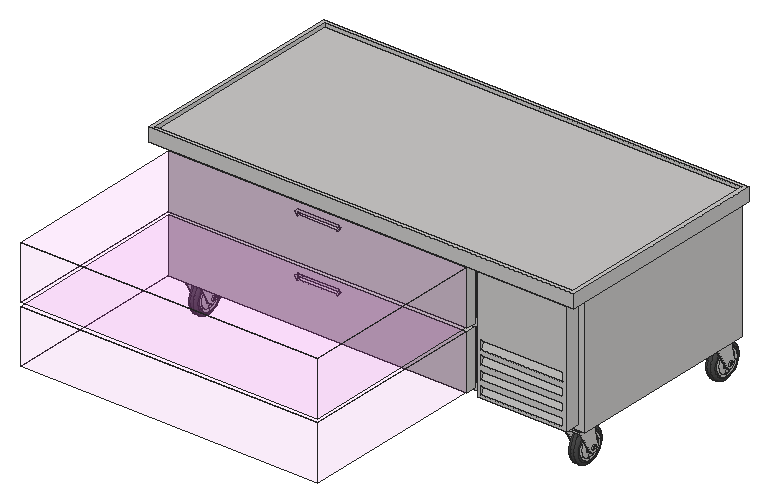
Revit family "QF_Kelvinator_738311_KCHCB60R_2-Drawer_Chef_Base_Refrigerator_62_Long", category Specialty Equipment, Revit 2021
Family settings
  Round Connector Dimension = Use Diameter
  Part Type = Normal
  Work Plane-Based = No
  Always vertical = Yes
  Cut with Voids When Loaded = No
  Shared = No
  Room Calculation Point = No
Parameters
  Weight in Pounds = 524.7
  Watts = 200 W
  Volts = 115 V
  URL Cutsheet = ""
  Specification by User = ""
  Specification by Manufacturer = ""
  Serial Number = ""
  Seismic Rating = ""
  SMACNA No = ""
  Revision Code = ""
  Refrigerant Type = "R290"
  Phase = 1
  Number of Poles = 1
  NAFEM Spec ID Number = ""
  Model = "738311 (KCHCB60R)"
  Min Ckt Ampacity = 0 A
  Max Overcurrent Protection = 0 A
  Masterspec = ""
  Manufacturer = "Kelvinator Commercial"
  Length = 62.047"
  Item Number = "738311"
  Installed By = ""
  Identify Quantity as Lot = yes
  Height = 25.984"
  HP = "1/5"
  Furnished By = ""
  Foodservice Equipment Identifier = yes
  FL Amps = 2.1 A
  Electrical Remarks = ""
  Electric Connection Type = ""
  Elec Conn RI Height = 0.000"
  Elec Conn Connection Height = 0.000"
  Description = "2-Drawer Chef Base Refrigerator 62\" Long"
  Depth = 31.890"
  Default Elevation = 0.000"
  Cycle = 60 Hz
  Conn Plug = "5-15P"
  Conn Conduit = yes
  CSI MasterFormat = ""
  Apparent Power = 0 VA
Reference planes (in)
  plane 1 "BACK": y = 0
  plane 2: z = 0
  plane 3 "LEFT": x = 0
  plane 4 "RIGHT": x = 62.047
  plane 5 "FRONT": y = -31.89
  plane 6 "TOP": z = 25.984
  plane 7 "Center Y": x = 31.0235
  plane 8 "Center X": y = -15.945
Dimensions and locks (in)
  equal spacing: plane 3 "LEFT", plane 7 "Center Y", plane 4 "RIGHT"
  "Length": plane 3 "LEFT" to plane 4 "RIGHT"
  equal spacing: plane 5 "FRONT", plane 8 "Center X", plane 1 "BACK"
  "Depth": plane 5 "FRONT" to plane 1 "BACK"
  "Height": plane 6 "TOP" to level
  aligned and locked: level to plane 2
Nested families (in)
  nested 1: "Family2" at (0, 0, 0), type "Family2"
    with Show Clearance yes
Connectors (in)
  electrical at (31.06511, -1.5, 5.5), driven by "Volts", driven by "Watts"
    settings: on nested 1, index 1, voltage 115 V, apparent load 200 VA, apparent load phase1 0 VA, apparent load phase2 0 VA, apparent load phase3 0 VA, power factor 1, load classification "Other", number of poles 1, system type 30, power factor state 1, is connector primary yes, connector utility no, sub classification motor no, connector description ""
Definition of nested family "Family2"
  Parameters (values of type "Family2")
    Weight in Pounds = 0
    URL Cutsheet = ""
    Specification by User = ""
    Specification by Manufacturer = ""
    Show Clearance [instance] = yes
    Serial Number = ""
    Seismic Rating = ""
    SMACNA No = ""
    Revision Code = ""
    NAFEM Spec ID Number = ""
    Masterspec = ""
    Length = 62.047"
    Item Number = ""
    Installed By = ""
    Identify Quantity as Lot = yes
    Height = 25.984"
    Furnished By = ""
    Foodservice Equipment Identifier = yes
    Depth = 31.890"
    Default Elevation = 0.000"
    CSI MasterFormat = ""
  Reference planes (in)
    plane 1 "BACK": y = 0
    plane 2: z = 0
    plane 3 "LEFT": x = 0
    plane 4 "RIGHT": x = 62.047
    plane 5 "FRONT": y = -31.89
    plane 6 "TOP": z = 25.984
    plane 7 "Center Y": x = 31.0235
    plane 8 "Center X": y = -15.945
    plane 9: x = 0.9845
    plane 10: x = 61.047
    plane 11: x = 2
    plane 12: x = 44.047
    plane 13: x = 60.047
    plane 14: x = 47.047
    plane 15: z = 15.1
    plane 16: z = 23
    plane 17: z = 5.984
    plane 18: z = 23.984
    plane 19: y = -28.7
    plane 20: y = -57.9
    plane 21: x = 0.5
    plane 22: x = 61.547
    plane 23: z = 14.6
    plane 24: z = 6.7
    plane 25: x = 59.547
    plane 26: x = 47.547
    plane 27: x = 58.797
    plane 28: x = 3.25
  Forms (in)
    Extrusion 1, solid
      sketch origin (0.9845, -180, 36.08177) x (0, 0, 1) y (0, -1, 0)
        loop
          line (-12.09777, -151.3) -> (-30.08177, -151.3) -> (-30.08177, -180) -> (-12.09777, -180) -> (-12.09777, -151.3)
      from 0 to 60.0625
    Extrusion 2, solid
      sketch origin (0, 0, 0) x (0, 1, 0) y (0, 0, 1)
        loop
          line (-31.89, 25.984) -> (-31.89, 23.984) -> (0, 23.984) -> (0, 25.984) -> (-31.89, 25.984)
      from 0 to 62.047
    Extrusion 3, void
      sketch origin (0.5, -180, 24.54005) x (0, 0, 1) y (0, -1, 0)
        loop
          line (1.44395, -148.61) -> (0.94395, -148.61) -> (0.94395, -179.5) -> (1.44395, -179.5) -> (1.44395, -148.61)
      from 0 to 61.047
    Extrusion 4, solid
      sketch origin (0, -28.7, -3.09046) x (0, 0, -1) y (1, 0, 0)
        loop
          line (-26.09046, 47.047) -> (-9.79046, 47.047) -> (-9.79046, 60.047) -> (-26.09046, 60.047) -> (-26.09046, 47.047)
      from 0 to 2
    Extrusion 5, void
      sketch origin (59.547, -180, 13.44376) x (0, 0, -1) y (0, -1, 0)
        loop
          line (6.33783, -149.285) -> (6.33783, -148.91) -> (-0.83628, -148.91) -> (-0.83628, -149.7453) -> (0.38717, -149.3) -> (1.16811, -149.3) -> (1.16811, -149.7453) -> (2.39156, -149.3) -> (3.17249, -149.3) -> (3.17249, -149.7453) -> (4.39594, -149.3) -> (5.11438, -149.3) -> (5.11438, -149.7453) -> (6.33783, -149.285)
      from 0 to 12
    Extrusion 6, solid
      sketch origin (0.9845, 0, 6) x (-1, 0, 0) y (0, 1, 0)
        loop
          circle (-30.08061, -1.5) r 0.33156
      from 0 to 0.5
  Cuts and joins
    Extrusion 3 cuts Extrusion 2
    Extrusion 5 cuts Extrusion 4
  Lines and regions (in)
    symbolic lines
      curve 1: line (0, 0, 0) -> (0, -31.89, 0)
      curve 2: line (0, -31.89, 0) -> (62.047, -31.89, 0)
      curve 3: line (62.047, -31.89, 0) -> (62.047, 0, 0)
      curve 4: line (62.047, 0, 0) -> (0, 0, 0)
      curve 5: line (0.5, -31.39, 0) -> (0.5, -0.5, 0)
      curve 6: line (0.5, -0.5, 0) -> (61.547, -0.5, 0)
      curve 7: line (61.547, -0.5, 0) -> (61.547, -31.39, 0)
      curve 8: line (61.547, -31.39, 0) -> (0.5, -31.39, 0)
  Dimensions and locks (in)
    equal spacing: plane 3 "LEFT", plane 7 "Center Y", plane 4 "RIGHT"
    "Length": plane 3 "LEFT" to plane 4 "RIGHT"
    equal spacing: plane 5 "FRONT", plane 8 "Center X", plane 1 "BACK"
    "Depth": plane 5 "FRONT" to plane 1 "BACK"
    "Height": plane 6 "TOP" to level
    plane 3 "LEFT" to plane 4 "RIGHT" = 62.047"
    plane 10 to plane 9 = 60.0625"
    plane 11 to plane 12 = 42.047"
    locked: plane 14 to plane 13 at 13
    plane 16 to plane 15 = 7.900"  (x2)
    plane 6 "TOP" to plane 17 = 20.000"
    plane 18 to plane 17 = 18.000"
    plane 19 to plane 1 "BACK" = 28.700"
    plane 5 "FRONT" to plane 1 "BACK" = 31.890"
    plane 20 to plane 1 "BACK" = 57.900"
    plane 17 to level = 5.984"
    locked: plane 4 "RIGHT" to plane 10 at 1
    locked: plane 4 "RIGHT" to plane 22 at 0.5
    plane 23 to plane 24 = 7.900"
    locked: plane 13 to plane 4 "RIGHT" at 2
    locked: plane 13 to plane 25 at 0.5
    locked: plane 14 to plane 26 at 0.5
    locked: plane 4 "RIGHT" to plane 27 at 3.25
    locked: plane 12 to plane 14 at 3
    locked: plane 3 "LEFT" to plane 11 at 2
    aligned and locked: level to plane 2
    aligned and locked: plane 10 to Extrusion 1
    aligned and locked: Extrusion 2 to plane 4 "RIGHT"
    aligned and locked: plane 18 to Extrusion 1
    aligned and locked: plane 22 to cut or joined group of Extrusion 2, Extrusion 3
    aligned and locked: Extrusion 5 to plane 26
    aligned and locked: plane 14 to Extrusion 4
    aligned and locked: Extrusion 4 to plane 13
    aligned and locked: nested 4 to plane 28
    aligned and locked: plane 27 to nested 5
    aligned and locked: nested 6 to plane 28
    aligned and locked: plane 27 to nested 3
  Automatic sketch dimensions
    level to Extrusion 1 sketch curve = 6.000"
    plane 16 to Extrusion 1 sketch curve = 0.984"
    Extrusion 1 sketch curve to plane 1 "BACK" = 0.000"
    Extrusion 1 sketch curve to plane 19 = 0.000"
    Extrusion 2 sketch curve to plane 5 "FRONT" = 0.000"
    Extrusion 2 sketch curve to plane 1 "BACK" = 0.000"
    Extrusion 2 sketch curve to plane 18 = 0.000"
    Extrusion 2 sketch curve to plane 6 "TOP" = 0.000"
    Extrusion 3 sketch curve to plane 6 "TOP" = 0.000"
    Extrusion 3 sketch curve to plane 6 "TOP" = 0.500"
    plane 1 "BACK" to Extrusion 3 sketch curve = 0.500"
    Extrusion 3 sketch curve to plane 5 "FRONT" = 0.500"
    plane 13 to Extrusion 4 sketch curve = 0.000"
    Extrusion 4 sketch curve to plane 16 = 0.000"
    plane 14 to Extrusion 4 sketch curve = 0.000"
    Extrusion 4 sketch curve to plane 24 = 0.000"
    plane 24 to Extrusion 5 sketch curve = 0.40593"
    Extrusion 5 sketch curve to Extrusion 5 sketch curve = 1.22345"  (x3)
    Extrusion 5 sketch curve to Extrusion 5 sketch curve = 0.71843"
    plane 19 to Extrusion 5 sketch curve = 1.5547"  (x4)
    Extrusion 5 sketch curve to Extrusion 5 sketch curve = 0.78093"  (x2)
    Extrusion 5 sketch curve to plane 23 = 0.31996"
    Extrusion 5 sketch curve to Extrusion 5 sketch curve = 0.4453"  (x3)
    Extrusion 5 sketch curve to plane 5 "FRONT" = 1.175"
    Extrusion 5 sketch curve to Extrusion 5 sketch curve = 0.375"
    curve 1 to plane 3 "LEFT" = 0.000"
    plane 1 "BACK" to curve 3 = 0.000"
    curve 3 to plane 4 "RIGHT" = 0.000"
    plane 5 "FRONT" to curve 1 = 0.000"
    curve 5 to plane 21 = 0.000"
    curve 8 to plane 22 = 0.000"
    curve 5 to plane 5 "FRONT" = 0.500"
    plane 1 "BACK" to curve 5 = 0.500"
    Extrusion 1 to Extrusion 6 sketch curve = 1.500"
    Extrusion 6 sketch curve to Extrusion 1 = 29.98189"
    radius of Extrusion 6 sketch curve = 0.33156"
  Nested families (in)
    nested 1: "Family3" at (2, -28.7, 15.1), Show Clearance <- "Show Clearance", type "Family3"
    nested 2: "Family3" at (2, -28.7, 6.7), Show Clearance <- "Show Clearance", type "Family3"
    nested 3: "6 INCHES 02_CASTER" at (58.797, -26.8125, 0), type "6 INCHES 02_CASTER"
      with Type Mark "", Specification by User "", Show Casters yes, Revision Code "", Item Number "", Installed By "", Identify Quantity as Lot yes, Furnished By "", Foodservice Equipment Identifier yes
    nested 4: "6 INCHES 02_CASTER" at (3.25, -26.8125, 0), type "6 INCHES 02_CASTER"
      with Type Mark "", Specification by User "", Show Casters yes, Revision Code "", Item Number "", Installed By "", Identify Quantity as Lot yes, Furnished By "", Foodservice Equipment Identifier yes
    nested 5: "6 INCHES 02_CASTER" at (58.797, -1.8125, 0), type "6 INCHES 02_CASTER"
      with Type Mark "", Specification by User "", Show Casters yes, Revision Code "", Item Number "", Installed By "", Identify Quantity as Lot yes, Furnished By "", Foodservice Equipment Identifier yes
    nested 6: "6 INCHES 02_CASTER" at (3.25, -1.8125, 0), type "6 INCHES 02_CASTER"
      with Type Mark "", Specification by User "", Show Casters yes, Revision Code "", Item Number "", Installed By "", Identify Quantity as Lot yes, Furnished By "", Foodservice Equipment Identifier yes
  Definition of nested family "Family3"
    Parameters (values of type "Family3")
      Weight in Pounds = 0
      URL Cutsheet = ""
      Specification by User = ""
      Specification by Manufacturer = ""
      Show Clearance [instance] = yes
      Serial Number = ""
      Seismic Rating = ""
      SMACNA No = ""
      Revision Code = ""
      NAFEM Spec ID Number = ""
      Masterspec = ""
      Length = 43.500"
      Item Number = ""
      Installed By = ""
      Identify Quantity as Lot = yes
      Height = 7.900"
      Furnished By = ""
      Foodservice Equipment Identifier = yes
      Depth = 2.000"
      Default Elevation = 0.000"
      CSI MasterFormat = ""
    Reference planes (in)
      plane 1 "BACK": y = 0
      plane 2: z = 0
      plane 3 "LEFT": x = 0
      plane 4 "RIGHT": x = 43.5
      plane 5 "FRONT": y = -2
      plane 6 "TOP": z = 7.9
      plane 7 "Center Y": x = 21.75
      plane 8 "Center X": y = -1
      plane 9: y = -29.2
      plane 10: x = 0.3125
      plane 11: x = 43.1875
      plane 12: y = -3.28088
    Forms (in)
      Extrusion 1, solid
        sketch origin (0, 0, 0) x (1, 0, 0) y (0, 0, 1)
          loop
            line (0, 7.9) -> (0, 0) -> (43.5, 0) -> (43.5, 7.9) -> (0, 7.9)
        from 0.55357 to 2
      Extrusion 2, void
        sketch origin (21.75, 6.90541, 47.5625) x (0, -1, 0) y (0, 0, 1)
          loop
            line (8.90541, -41.4125) -> (8.90541, -40.85381) -> (8.53969, -40.48809) -> (8.07278, -40.955) -> (8.24839, -41.4125) -> (8.90541, -41.4125)
        from -3 to 3
      Extrusion 3, solid
        sketch origin (0, -2, 0) x (1, 0, 0) y (0, 0, 1)
          loop
            line (24.56904, 6.70869) -> (24.67024, 6.6075) -> (24.56904, 6.15) -> (24.75, 6.15) -> (25.02615, 6.60514) -> (24.6726, 6.95869) -> (18.8274, 6.95869) -> (18.47385, 6.60514) -> (18.75153, 6.14747) -> (18.93151, 6.14747) -> (18.82976, 6.6075) -> (18.93096, 6.70869) -> (24.56904, 6.70869)
        from 0.10088 to -1
      Extrusion 4, solid, visible <- "Show Clearance"
        sketch origin (0, 0, 0) x (0, 1, 0) y (0, 0, 1)
          loop
            line (-29.2, 7.9) -> (-29.2, 0) -> (-2, 0) -> (-2, 7.9) -> (-29.2, 7.9)
        from 0 to 43.5
      Extrusion 5, solid
        sketch origin (0.3125, -180, 8.89478) x (0, 0, 1) y (0, -1, 0)
          loop
            line (-1.29318, -179.44643) -> (-8.58228, -179.44643) -> (-8.58228, -179.75) -> (-1.29318, -179.75) -> (-1.29318, -179.44643)
        from 0 to 42.875
      Extrusion 6, solid
        sketch origin (0.3125, -179.75, 8.89478) x (0, 0, 1) y (0, -1, 0)
          loop
            line (-1.29318, -179.5) -> (-8.58228, -179.5) -> (-8.58228, -179.75) -> (-1.29318, -179.75) -> (-1.29318, -179.5)
        from 0 to 42.875
    Cuts and joins
      Extrusion 2 cuts Extrusion 1
      Extrusion 2 cuts Extrusion 3
      joined: Extrusion 1, Extrusion 3
    Lines and regions (in)
      symbolic lines, visible <- "Show Clearance"
        curve 1: line (0, -3.28088, 0) -> (0, -29.2, 0)
        curve 2: line (0, -29.2, 0) -> (43.5, -29.2, 0)
        curve 3: line (43.5, -29.2, 0) -> (43.5, -3.28088, 0)
    Dimensions and locks (in)
      equal spacing: plane 3 "LEFT", plane 7 "Center Y", plane 4 "RIGHT"
      "Length": plane 3 "LEFT" to plane 4 "RIGHT"
      equal spacing: plane 5 "FRONT", plane 8 "Center X", plane 1 "BACK"
      "Depth": plane 5 "FRONT" to plane 1 "BACK"
      "Height": plane 6 "TOP" to level
      plane 9 to plane 5 "FRONT" = 27.200"
      locked: plane 11 to plane 4 "RIGHT" at 0.3125
      locked: plane 3 "LEFT" to plane 10 at 0.3125
      aligned and locked: level to plane 2
      aligned and locked: Extrusion 4 to plane 4 "RIGHT"
      aligned and locked: Extrusion 6 to plane 11
      aligned and locked: Extrusion 5 to plane 11
    Automatic sketch dimensions
      Extrusion 1 sketch curve to level = 0.000"
      Extrusion 1 sketch curve to plane 3 "LEFT" = 0.000"
      plane 4 "RIGHT" to Extrusion 1 sketch curve = 0.000"
      Extrusion 1 sketch curve to plane 6 "TOP" = 0.000"
      Extrusion 2 sketch curve to plane 5 "FRONT" = 0.000"
      Extrusion 2 sketch curve to plane 5 "FRONT" = 0.36572"
      Extrusion 2 sketch curve to plane 8 "Center X" = 0.34299"
      Extrusion 2 sketch curve to plane 8 "Center X" = 0.16737"
      Extrusion 2 sketch curve to plane 6 "TOP" = 1.750"
      Extrusion 2 sketch curve to Extrusion 2 sketch curve = 0.4575"
      Extrusion 2 sketch curve to Extrusion 2 sketch curve = 0.55869"
      Extrusion 3 sketch curve to plane 6 "TOP" = 1.29486"  (x2)
      Extrusion 3 sketch curve to plane 7 "Center Y" = 3.27615"
      Extrusion 3 sketch curve to Extrusion 3 sketch curve = 0.27768"
      Extrusion 3 sketch curve to Extrusion 3 sketch curve = 0.35355"
      Extrusion 3 sketch curve to plane 6 "TOP" = 1.2925"  (x2)
      Extrusion 3 sketch curve to Extrusion 3 sketch curve = 0.00236"
      Extrusion 3 sketch curve to Extrusion 3 sketch curve = 0.10119"  (x2)
      Extrusion 3 sketch curve to Extrusion 3 sketch curve = 0.17998"
      Extrusion 3 sketch curve to plane 6 "TOP" = 1.19131"
      plane 7 "Center Y" to Extrusion 3 sketch curve = 2.81904"
      Extrusion 3 sketch curve to Extrusion 3 sketch curve = 0.000"
      Extrusion 3 sketch curve to plane 6 "TOP" = 0.94131"
      Extrusion 3 sketch curve to Extrusion 3 sketch curve = 0.10355"
      Extrusion 3 sketch curve to Extrusion 3 sketch curve = 0.18096"
      Extrusion 3 sketch curve to Extrusion 3 sketch curve = 0.35591"
      Extrusion 3 sketch curve to Extrusion 3 sketch curve = 0.4575"
      Extrusion 3 sketch curve to Extrusion 3 sketch curve = 0.46003"
      Extrusion 4 sketch curve to level = 0.000"
      Extrusion 4 sketch curve to plane 9 = 0.000"
      Extrusion 4 sketch curve to plane 5 "FRONT" = 0.000"
      Extrusion 4 sketch curve to plane 6 "TOP" = 0.000"
      level to Extrusion 5 sketch curve = 0.3125"
      Extrusion 5 sketch curve to plane 6 "TOP" = 0.29841"
      plane 1 "BACK" to Extrusion 5 sketch curve = 0.250"
      Extrusion 5 sketch curve to Extrusion 5 sketch curve = 0.30357"
      level to Extrusion 6 sketch curve = 0.3125"
      Extrusion 6 sketch curve to plane 6 "TOP" = 0.29841"
      plane 1 "BACK" to Extrusion 6 sketch curve = 0.000"
      Extrusion 6 sketch curve to Extrusion 6 sketch curve = 0.250"
      curve 1 to plane 3 "LEFT" = 0.000"
      curve 3 to plane 4 "RIGHT" = 0.000"
      curve 1 to plane 9 = 0.000"
      curve 3 to plane 12 = 0.000"
      curve 1 to plane 12 = 0.000"
  Definition of nested family "6 INCHES 02_CASTER"
    Parameters (values of type "6 INCHES 02_CASTER")
      Weight = ""
      URL Manufacturer = ""
      URL Cutsheet = ""
      URL = ""
      Type Mark [instance] = ""
      Specification by User [instance] = ""
      Specification by Manufacturer = ""
      Show Casters [instance] = yes
      Serial Number = ""
      Seismic Rating = ""
      SMACNA No = ""
      Revision Code [instance] = ""
      Omniclass Number and Title = ""
      NAFEM Spec ID Number = ""
      Model = ""
      MasterSpec. = ""
      Manufacturer = ""
      Item Number [instance] = ""
      Installed By [instance] = ""
      Identify Quantity as Lot [instance] = yes
      Furnished By [instance] = ""
      Foodservice Equipment Identifier [instance] = yes
      Description = ""
      Default Elevation = 0.000"
      CSI MasterFormat = ""
      CSI Master Format = ""
    Reference planes (in)
      plane 1 "BACK": y = 0
      plane 2: z = 0
      plane 3 "LEFT": x = 0
      plane 4 "RIGHT": x = 0
      plane 5 "FRONT": y = 0
      plane 6 "TOP": z = 6
    Forms (in)
      Revolve 1, solid, visible <- "Show Casters"
        sketch origin (-2.21793, 0, -0.25) x (-1, 0, 0) y (0, 0, 1)
          loop
            line (-2.21793, 6) -> (-2.21793, 5.55584) -> (-0.93693, 5.55584) -> (-0.93693, 6) -> (-2.21793, 6)
          axis (-2.21793, 5.55584) -> (-2.21793, 6)
        angle from 0 to 360
      Extrusion 2, solid, visible <- "Show Casters"
        sketch origin (0.25594, 2.08988, -0.1875) x (0, 1, 0) y (0, 0, 1)
          loop
            line (-3.37793, 5.49334) -> (-3.37793, 5.24334) -> (-1.67236, 2.30765)
            arc (-1.67236, 2.30765) -> (-0.65502, 1.97635) -> (-0.25363, 2.96812) r 0.78437
            line (-0.25363, 2.96812) -> (-0.80182, 5.49334) -> (-3.37793, 5.49334)
        from 0.78968 to 0.90247
      Extrusion 3, solid, visible <- "Show Casters"
        sketch origin (0, 0, 5.75) x (0, 1, 0) y (-1, 0, 0)
          loop
            circle (0, 0) r 0.75
        from 0 to 0.25
      Extrusion 4, solid, visible <- "Show Casters"
        sketch origin (-0.25594, 2.08988, -0.1875) x (0, 1, 0) y (0, 0, -1)
          loop
            line (-3.37793, -5.24334) -> (-3.37793, -5.49334) -> (-0.80182, -5.49334) -> (-0.25363, -2.96812)
            arc (-0.25363, -2.96812) -> (-0.65502, -1.97635) -> (-1.67236, -2.30765) r 0.78437
            line (-1.67236, -2.30765) -> (-3.37793, -5.24334)
        from 0.78968 to 0.90247
      Extrusion 5, solid, visible <- "Show Casters"
        sketch origin (0, -0.12806, 0.75) x (0, 1, 0) y (0, 0, 1)
          loop
            line (-1.16, 4.55584) -> (-1.16, 4.30584) -> (1.41611, 4.30584) -> (1.41611, 4.55584) -> (-1.16, 4.55584)
        from -1.04562 to 1.04562
      Revolve 6, solid, visible <- "Show Casters"
        sketch origin (-1.9375, 1.11772, -0.12802) x (1, 0, 0) y (0, 0, 1)
          loop
            line (0.5843, 2.5666) -> (0.5843, 2.4286) -> (0.6343, 2.3786) -> (0.6943, 2.3786) -> (0.6943, 2.2429) -> (1.1725, 2.2429) -> (1.1725, 1.84743) -> (1.30191, 1.77271) -> (1.42647, 1.00302) -> (1.28125, 1.00302) -> (1.28125, 0.75302) -> (1.3125, 0.75302) -> (1.3125, 0.50302)
            arc (1.3125, 0.50302) -> (1.42233, 0.23785) -> (1.6875, 0.12802) r 0.375
            line (1.6875, 0.12802) -> (2.1875, 0.12802)
            arc (2.1875, 0.12802) -> (2.45267, 0.23785) -> (2.5625, 0.50302) r 0.375
            line (2.5625, 0.50302) -> (2.5625, 0.75302) -> (2.59375, 0.75302) -> (2.59375, 1.00302) -> (2.44853, 1.00302) -> (2.57366, 1.77622) -> (2.7025, 1.85061) -> (2.7025, 2.2429) -> (3.1807, 2.2429) -> (3.1807, 2.3786) -> (3.2407, 2.3786) -> (3.2907, 2.4286) -> (3.2907, 2.5666) -> (0.5843, 2.5666)
          axis (0.5843, 2.5666) -> (3.2907, 2.5666)
        angle from 0 to 360
    Cuts and joins
      joined: Extrusion 2, Extrusion 4, Extrusion 5
    Lines and regions (in)
      symbolic lines, visible <- "Show Casters"
        curve 1: line (0.45873, 2.04243, 0) -> (1.54127, 1.41743, 0)
        curve 2: line (-1.54127, -1.42167, 0) -> (-0.79127, -0.12263, 0)
        curve 3: line (-0.45873, -2.04667, 0) -> (-1.54127, -1.42167, 0)
        curve 4: line (1.54127, 1.41743, 0) -> (0.79127, 0.11839, 0)
        curve 5: line (-0.29127, 0.74339, 0) -> (0.45873, 2.04243, 0)
        curve 6: line (0.29127, -0.74763, 0) -> (-0.45873, -2.04667, 0)
    Dimensions and locks (in)
      plane 6 "TOP" to level = 6.000"  (x2)
      aligned and locked: level to plane 2
